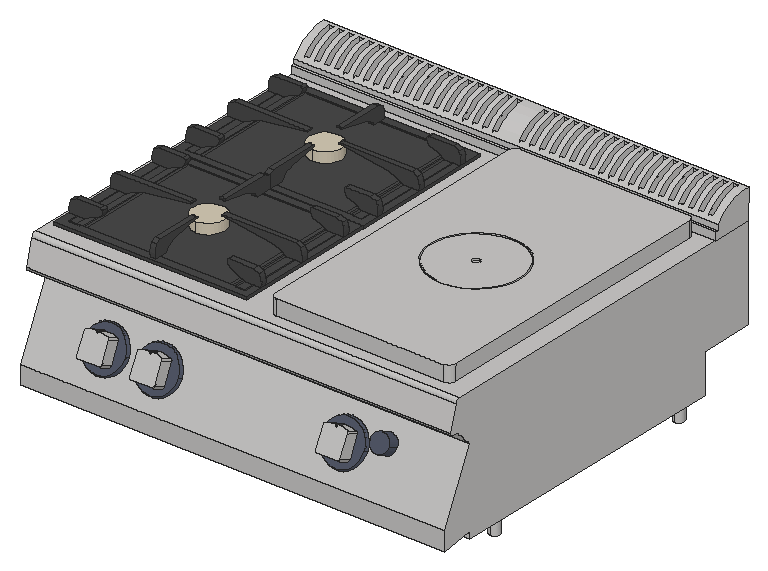
Revit family "QF_ZANUSSI_372011_Z7STGH3000", category Specialty Equipment, Revit 2018 (continued)
Automatic sketch dimensions
  curve 13 to curve 7 = 57.15 mm
  curve 12 to curve 14 = 0 mm
  plane 1 "BACK" to curve 76 = 63.911 mm
  curve 78 to curve 74 = 0 mm
  curve 76 to curve 68 = 0 mm
  curve 76 to curve 73 = 0 mm
  curve 82 to curve 78 = 0 mm
  curve 16 to curve 18 = 0 mm
  curve 9 to curve 10 = 0 mm
  curve 86 to curve 82 = 0 mm
  curve 20 to curve 22 = 0 mm
  curve 90 to curve 59 = 57.15 mm
  curve 92 to curve 94 = 0 mm
  curve 24 to curve 26 = 0 mm
  curve 96 to curve 98 = 0 mm
  curve 68 to curve 65 = 0 mm
  curve 28 to curve 30 = 0 mm
  curve 100 to curve 102 = 0 mm
  curve 32 to curve 34 = 0 mm
  curve 104 to curve 106 = 0 mm
  curve 108 to curve 110 = 0 mm
  curve 36 to curve 38 = 0 mm
  curve 112 to curve 114 = 0 mm
  curve 40 to curve 42 = 0 mm
  curve 57 to curve 86 = 0 mm
  curve 116 to curve 120 = 0 mm
  curve 120 to curve 122 = 0 mm
  curve 44 to curve 46 = 0 mm
  curve 61 to curve 90 = 0 mm
  curve 124 to curve 126 = 0 mm
  curve 48 to curve 50 = 0 mm
  curve 128 to curve 130 = 0 mm
  curve 132 to curve 134 = 0 mm
  curve 136 to curve 138 = 0 mm
  curve 140 to curve 142 = 0 mm
  plane 1 "BACK" to curve 165 = 63.911 mm
  curve 144 to curve 146 = 0 mm
  curve 161 to curve 162 = 0 mm
  curve 148 to curve 150 = 0 mm
  curve 152 to curve 157 = 0 mm
  plane 1 "BACK" to curve 155 = 6.761 mm
  plane 1 "BACK" to curve 152 = 6.761 mm
  plane 1 "BACK" to curve 158 = 6.761 mm
  plane 1 "BACK" to curve 148 = 6.761 mm
  plane 1 "BACK" to curve 162 = 6.761 mm
  plane 1 "BACK" to curve 144 = 6.761 mm
  plane 1 "BACK" to curve 140 = 6.761 mm
  plane 1 "BACK" to curve 56 = 6.761 mm
  plane 1 "BACK" to curve 136 = 6.761 mm
  plane 1 "BACK" to curve 132 = 6.761 mm
  plane 1 "BACK" to curve 52 = 6.761 mm
  plane 1 "BACK" to curve 128 = 6.761 mm
  plane 1 "BACK" to curve 124 = 6.761 mm
  plane 1 "BACK" to curve 48 = 6.761 mm
  plane 1 "BACK" to curve 120 = 6.761 mm
  plane 1 "BACK" to curve 44 = 6.761 mm
  plane 1 "BACK" to curve 116 = 6.761 mm
  plane 1 "BACK" to curve 112 = 6.761 mm
  plane 1 "BACK" to curve 40 = 6.761 mm
  plane 1 "BACK" to curve 108 = 6.761 mm
  plane 1 "BACK" to curve 36 = 6.761 mm
  plane 1 "BACK" to curve 104 = 6.761 mm
  plane 1 "BACK" to curve 32 = 6.761 mm
  plane 1 "BACK" to curve 100 = 6.761 mm
  plane 1 "BACK" to curve 96 = 6.761 mm
  plane 1 "BACK" to curve 28 = 6.761 mm
  plane 1 "BACK" to curve 92 = 6.761 mm
  plane 1 "BACK" to curve 88 = 6.761 mm
  plane 1 "BACK" to curve 24 = 6.761 mm
  plane 1 "BACK" to curve 84 = 6.761 mm
  plane 1 "BACK" to curve 20 = 6.761 mm
  plane 1 "BACK" to curve 80 = 6.761 mm
  plane 1 "BACK" to curve 16 = 6.761 mm
  plane 1 "BACK" to curve 76 = 6.761 mm
  plane 1 "BACK" to curve 12 = 6.761 mm
  plane 1 "BACK" to curve 72 = 6.761 mm
  plane 1 "BACK" to curve 68 = 6.761 mm
  plane 1 "BACK" to curve 64 = 6.761 mm
  curve 166 to plane 1 "BACK" = 150 mm
  curve 193 to curve 190 = 9.809 mm
  curve 194 to curve 194 = 0.284 mm
  curve 203 to curve 203 = 0.284 mm
  curve 199 to curve 202 = 9.809 mm
  curve 218 to curve 215 = 9.809 mm
  curve 219 to curve 219 = 0.284 mm
  curve 210 to curve 211 = 0.284 mm
  curve 206 to curve 209 = 9.809 mm
  curve 237 to curve 234 = 9.809 mm
  curve 239 to curve 238 = 0.284 mm
  curve 229 to curve 229 = 0.284 mm
  curve 225 to curve 228 = 9.809 mm
  curve 228 to curve 241 = 26.793 mm
  curve 241 to curve 241 = 15.124 mm
  curve 241 to curve 241 = 2.876 mm
  curve 238 to curve 238 = 0.567 mm
  curve 203 to curve 203 = 0.567 mm
  curve 219 to curve 219 = 0.567 mm
  curve 229 to curve 229 = 0.567 mm
  curve 194 to curve 194 = 0.567 mm
  curve 210 to curve 210 = 0.567 mm
  curve 239 to curve 237 = 1.156 mm
  curve 241 to curve 241 = 4.341 mm
  curve 4 to curve 164 = 12.289 mm
  curve 4 to curve 5 = 6.35 mm
  Extrusion 1 sketch curve to plane 8 "Center X" = 357.5 mm
  Extrusion 1 sketch curve to plane 8 "Center X" = 342.384 mm
  Extrusion 1 sketch curve to Extrusion 1 sketch curve = 2.884 mm
  Extrusion 1 sketch curve to Extrusion 1 sketch curve = 13.051 mm
  Extrusion 1 sketch curve to Extrusion 1 sketch curve = 10.198 mm
  Extrusion 1 sketch curve to Extrusion 1 sketch curve = 7.474 mm
  Extrusion 1 sketch curve to Extrusion 1 sketch curve = 56.355 mm
  Extrusion 1 sketch curve to Extrusion 1 sketch curve = 0.445 mm
  Extrusion 1 sketch curve to Extrusion 1 sketch curve = 3.2 mm
  Extrusion 1 sketch curve to plane 11 = 146.636 mm
  Extrusion 1 sketch curve to Extrusion 1 sketch curve = 31.82 mm
  Extrusion 1 sketch curve to plane 10 = 250 mm
  plane 1 "BACK" to Extrusion 1 sketch curve = 103 mm
  Extrusion 1 sketch curve to Extrusion 1 sketch curve = 103 mm
  Extrusion 1 sketch curve to Extrusion 1 sketch curve = 5.508 mm
  Extrusion 1 sketch curve to Extrusion 1 sketch curve = 10.259 mm
  Extrusion 1 sketch curve to Extrusion 1 sketch curve = 35 mm
  Extrusion 1 sketch curve to plane 10 = 176 mm
  Extrusion 1 sketch curve to plane 11 = 114.816 mm
  Extrusion 1 sketch curve to Extrusion 1 sketch curve = 3 mm
  Extrusion 1 sketch curve to Extrusion 1 sketch curve = 46.342 mm
  radius of Extrusion 4 sketch curve = 6.35 mm
  radius of Extrusion 8 sketch curve = 82.55 mm
  radius of Extrusion 8 sketch curve = 7 mm
  radius of Blend 10 sketch curve = 42.5 mm
  radius of Blend 10 sketch curve = 40.5 mm
  radius of Split face 1 sketch curve = 3 mm
  radius of Blend 16 sketch curve = 42.5 mm
  radius of Blend 16 sketch curve = 40.5 mm
  radius of Split face 10 sketch curve = 1.5 mm
  radius of Split face 11 sketch curve = 2.029 mm
  radius of Split face 12 sketch curve = 2.031 mm
  radius of Split face 13 sketch curve = 3.497 mm
  radius of Split face 14 sketch curve = 3.497 mm
  radius of Split face 15 sketch curve = 3 mm
  radius of Split face 16 sketch curve = 1.5 mm
  radius of Blend 18 sketch curve = 42.5 mm
  radius of Blend 18 sketch curve = 40.5 mm
  radius of Split face 17 sketch curve = 3 mm
  radius of Split face 22 sketch curve = 1.5 mm
  radius of Split face 23 sketch curve = 2.029 mm
  radius of Split face 24 sketch curve = 3.497 mm
  radius of Extrusion 22 sketch curve = 18 mm
  radius of Extrusion 23 sketch curve = 15 mm
Nested families
  nested 1: "QF_372011_BURNER" at (4.358, -6.2, -576.213), type "QF_372011_BURNER"
    with Type Mark "", Status "", Specification by User "", Revision Code "", Item Number "", Installed By "", Identify Quantity as Lot yes, Furnished By "", Foodservice Equipment Identifier yes
  nested 2: "QF_372011_BURNER" at (4.358, -740.327, -576.213), type "QF_372011_BURNER"
    with Type Mark "", Status "", Specification by User "", Revision Code "", Item Number "", Installed By "", Identify Quantity as Lot yes, Furnished By "", Foodservice Equipment Identifier yes
Connectors
  piping at (400, -76.2, 60.512), diameter 12.8
    settings: on Extrusion 4, index 1, connector inside diameter 0.50394", connector length 0 mm, flow factor 0, pipe flow 0 GPM, pressure drop 0.00 psi, fitting loss kfactor 0, connector angle 0.00°, fixture units 0, engagement length 0 mm, angle of deflection 0.00°, flow configuration 1, flow direction 1, fitting loss method 0, system type 7, joint type 0, gender type 0, connector reference index -1, connector utility 0, adjustable connector no, is connector primary yes, connector description "Gas Inlet"
Definition of nested family "QF_372011_BURNER"
  Parameters
    Weight in Pounds = 0
    URL Cutsheet = ""
    URL = "www.electrolux.com"
    Type Mark [instance] = ""
    Status [instance] = ""
    Specification by User [instance] = ""
    Specification by Manufacturer = ""
    Serial Number = ""
    Seismic Rating = ""
    SMACNA No = ""
    Revision Code [instance] = ""
    Omniclass Number and Title = ""
    NAFEM Spec ID Number = ""
    Model = "371009"
    Masterspec = ""
    Manufacturer = "ELECTROLUX"
    Item Number [instance] = ""
    Installed By [instance] = ""
    Identify Quantity as Lot [instance] = yes
    Furnished By [instance] = ""
    Foodservice Equipment Identifier [instance] = yes
    Description = ""
    CSI MasterFormat = ""
    CSI Master Format = ""
  Reference planes
    plane 1 "BACK": y = 0
    plane 2: z = 0
    plane 3 "LEFT": x = 0
    plane 4 "RIGHT": x = 800
    plane 5 "FRONT": y = -700
    plane 6 "TOP": z = 908.85
    plane 7 "Center Y": x = 400
    plane 8 "Center X": y = -350
    plane 9 "Base": z = 150
    plane 10: z = 850.85
  Forms (mm)
    Extrusion 1, solid
      sketch origin (0, -734.127, 5) x (1, 0, 0) y (0, 0, -1)
        loop
          arc (7.142, -850.85) -> (6.739, -862.989) -> (9.761, -874.752) r 42.809
          line (9.761, -874.752) -> (19.961, -879.425) -> (157.339, -879.425)
          arc (157.339, -879.425) -> (158.533, -878.312) -> (157.506, -877.043) r 1.197
          line (157.506, -877.043) -> (64.848, -864.021)
          arc (64.848, -864.021) -> (50.111, -858.738) -> (36.589, -850.85) r 85.245
          line (36.589, -850.85) -> (7.142, -850.85)
        loop
          line (367.858, -850.85) -> (338.411, -850.85)
          arc (338.411, -850.85) -> (324.889, -858.738) -> (310.152, -864.021) r 85.245
          line (310.152, -864.021) -> (217.494, -877.043)
          arc (217.494, -877.043) -> (216.467, -878.312) -> (217.661, -879.425) r 1.197
          line (217.661, -879.425) -> (355.039, -879.425) -> (365.239, -874.752)
          arc (365.239, -874.752) -> (368.261, -862.989) -> (367.858, -850.85) r 42.809
      from 224.564 to 234.564
    Extrusion 2, solid
      sketch origin (0, -734.127, 5) x (1, 0, 0) y (0, 0, -1)
        loop
          arc (7.056, -850.85) -> (6.705, -862.948) -> (9.748, -874.663) r 42.876
          line (9.748, -874.663) -> (19.961, -879.425) -> (65.851, -879.425)
          arc (65.851, -879.425) -> (68.577, -878.352) -> (69.841, -875.709) r 4
          arc (69.841, -875.709) -> (68.75, -869.25) -> (64.816, -864.012) r 13.87
          arc (64.816, -864.012) -> (50.096, -858.731) -> (36.589, -850.85) r 85.245
          line (36.589, -850.85) -> (7.056, -850.85)
        loop
          line (367.944, -850.85) -> (338.411, -850.85)
          arc (338.411, -850.85) -> (324.904, -858.731) -> (310.184, -864.012) r 85.245
          arc (310.184, -864.012) -> (306.25, -869.25) -> (305.159, -875.709) r 13.87
          arc (305.159, -875.709) -> (306.423, -878.352) -> (309.149, -879.425) r 4
          line (309.149, -879.425) -> (355.039, -879.425) -> (365.252, -874.663)
          arc (365.252, -874.663) -> (368.295, -862.948) -> (367.944, -850.85) r 42.876
      from 127.064 to 137.064
    Extrusion 3, solid
      sketch origin (0, -275, 5) x (1, 0, 0) y (0, 0, 1)
        loop
          arc (64.816, 864.012) -> (68.75, 869.25) -> (69.841, 875.709) r 13.87
          arc (69.841, 875.709) -> (68.577, 878.352) -> (65.851, 879.425) r 4
          line (65.851, 879.425) -> (19.961, 879.425) -> (9.748, 874.663)
          arc (9.748, 874.663) -> (6.705, 862.948) -> (7.056, 850.85) r 42.876
          line (7.056, 850.85) -> (36.589, 850.85)
          arc (36.589, 850.85) -> (50.096, 858.731) -> (64.816, 864.012) r 85.245
        loop
          arc (310.184, 864.012) -> (324.904, 858.731) -> (338.411, 850.85) r 85.245
          line (338.411, 850.85) -> (367.944, 850.85)
          arc (367.944, 850.85) -> (368.295, 862.948) -> (365.252, 874.663) r 42.876
          line (365.252, 874.663) -> (355.039, 879.425) -> (309.149, 879.425)
          arc (309.149, 879.425) -> (306.423, 878.352) -> (305.159, 875.709) r 4
          arc (305.159, 875.709) -> (306.25, 869.25) -> (310.184, 864.012) r 13.87
      from 127.064 to 137.064
    Extrusion 4, solid
      sketch origin (454.964, -29.48, 5) x (0, -1, 0) y (0, 0, 1)
        loop
          arc (366.649, 850.85) -> (375.927, 861.743) -> (389.337, 866.736) r 28.426
          line (389.337, 866.736) -> (441.256, 877.043)
          arc (441.256, 877.043) -> (442.283, 878.312) -> (441.089, 879.425) r 1.197
          line (441.089, 879.425) -> (347.797, 879.425)
          arc (347.797, 879.425) -> (343.211, 875.934) -> (337.583, 874.694) r 13.39
          line (337.583, 874.694) -> (337.583, 850.85) -> (366.649, 850.85)
        loop
          arc (606.236, 850.85) -> (606.587, 862.948) -> (603.543, 874.663) r 42.876
          line (603.543, 874.663) -> (593.33, 879.425) -> (509.077, 879.425)
          arc (509.077, 879.425) -> (507.883, 878.312) -> (508.911, 877.043) r 1.197
          line (508.911, 877.043) -> (560.83, 866.736)
          arc (560.83, 866.736) -> (574.239, 861.743) -> (583.518, 850.85) r 28.426
          line (583.518, 850.85) -> (606.236, 850.85)
      from 262.464 to 272.464
    Extrusion 5, solid
      sketch origin (0, 0, 850.85) x (0, -1, 0) y (1, 0, 0)
        loop
          line (642.216, 6.433) -> (642.216, 368.567) -> (367.857, 368.567) -> (367.857, 6.433) -> (642.216, 6.433)
        loop
          line (382.857, 21.433) -> (627.216, 21.433) -> (627.216, 353.567) -> (382.857, 353.567) -> (382.857, 21.433)
      from 0 to 5
    Extrusion 6, solid
      sketch origin (-12.5, 0, 855.85) x (0, -1, 0) y (1, 0, 0)
        loop
          circle (504.356, 200) r 30
      from -1.321 to 17.134
    Extrusion 7, solid
      sketch origin (0, -734.127, 0) x (1, 0, 0) y (0, 0, -1)
        loop
          line (21.433, -855.85) -> (36.589, -855.85)
          arc (36.589, -855.85) -> (40.561, -855.243) -> (44.305, -853.783) r 18.259
          arc (44.305, -853.783) -> (45.997, -853.366) -> (47.69, -853.783) r 3.649
          arc (47.69, -853.783) -> (49.901, -854.522) -> (52.232, -854.529) r 7.328
          line (52.232, -854.529) -> (322.768, -854.529)
          arc (322.768, -854.529) -> (325.099, -854.522) -> (327.31, -853.783) r 7.328
          arc (327.31, -853.783) -> (329.003, -853.366) -> (330.695, -853.783) r 3.649
          arc (330.695, -853.783) -> (334.439, -855.243) -> (338.411, -855.85) r 18.259
          line (338.411, -855.85) -> (353.567, -855.85) -> (353.567, -850.85) -> (21.433, -850.85) -> (21.433, -855.85)
      from 106.911 to 351.27
  Lines and regions (mm)
    symbolic lines
      curve 1: line (6.433, -642.216, 150) -> (368.567, -642.216, 150)
      curve 2: line (6.433, -367.857, 150) -> (6.433, -642.216, 150)
      curve 3: line (368.567, -367.857, 150) -> (192.5, -367.857, 150)
      curve 4: line (368.567, -642.216, 150) -> (368.567, -367.857, 150)
      curve 5: line (353.567, -382.857, 150) -> (192.5, -382.857, 150)
      curve 6: line (353.567, -627.216, 150) -> (353.567, -607.064, 150)
      curve 7: line (21.433, -627.216, 150) -> (182.5, -627.216, 150)
      curve 8: line (21.433, -382.857, 150) -> (21.433, -402.064, 150)
      curve 9: line (52.232, -627.216, 150) -> (52.232, -607.064, 150)
      curve 10: line (322.567, -382.857, 150) -> (322.567, -402.064, 150)
      curve 11: line (148.125, -499.564, 150) -> (148.125, -382.857, 150)
      curve 12: line (154.375, -382.857, 150) -> (154.375, -499.564, 150)
      curve 13: arc (148.297, -509.564, 150) -> (159.191, -533.254, 150) -> (182.5, -544.942, 150) r 39.375
      curve 14: arc (220.42, -509.564, 150) -> (211.39, -528.832, 150) -> (192.5, -538.631, 150) r 33.125
      curve 15: line (220.625, -382.857, 150) -> (220.625, -499.564, 150)
      curve 16: line (226.875, -499.564, 150) -> (226.875, -382.857, 150)
      curve 17: line (192.5, -636.339, 150) -> (192.5, -535.619, 150)
      curve 18: arc (182.657, -474.75, 150) -> (166.195, -483.236, 150) -> (157.853, -499.771, 150) r 30
      curve 19: arc (192.224, -533.982, 150) -> (208.621, -525.661, 150) -> (217.084, -509.337, 150) r 30
      curve 20: line (368.567, -597.064, 150) -> (305.159, -597.064, 150)
      curve 21: line (6.433, -607.064, 150) -> (69.841, -607.064, 150)
      curve 22: line (6.433, -509.564, 150) -> (156.429, -509.564, 150)
      curve 23: line (368.567, -499.564, 150) -> (218.571, -499.564, 150)
      curve 24: line (6.433, -412.064, 150) -> (69.841, -412.064, 150)
      curve 25: line (368.567, -402.064, 150) -> (305.159, -402.064, 150)
      curve 26: line (69.841, -597.064, 150) -> (6.433, -597.064, 150)
      curve 27: line (305.159, -607.064, 150) -> (368.567, -607.064, 150)
      curve 28: line (69.841, -402.064, 150) -> (6.433, -402.064, 150)
      curve 29: line (305.159, -412.064, 150) -> (368.567, -412.064, 150)
      curve 30: arc (69.841, -597.064, 150) -> (74.841, -602.064, 150) -> (69.841, -607.064, 150) r 5
      curve 31: arc (305.159, -607.064, 150) -> (300.159, -602.064, 150) -> (305.159, -597.064, 150) r 5
      curve 32: arc (69.841, -402.064, 150) -> (74.841, -407.064, 150) -> (69.841, -412.064, 150) r 5
      curve 33: arc (305.159, -412.064, 150) -> (300.159, -407.064, 150) -> (305.159, -402.064, 150) r 5
      curve 34: line (21.433, -412.064, 150) -> (21.433, -499.564, 150)
      curve 35: line (52.232, -402.064, 150) -> (52.232, -382.857, 150)
      curve 36: line (21.433, -509.564, 150) -> (21.433, -597.064, 150)
      curve 37: line (52.232, -499.564, 150) -> (52.232, -412.064, 150)
      curve 38: line (52.232, -597.064, 150) -> (52.232, -509.564, 150)
      curve 39: line (21.433, -607.064, 150) -> (21.433, -627.216, 150)
      curve 40: line (322.567, -607.064, 150) -> (322.567, -627.216, 150)
      curve 41: line (353.567, -597.064, 150) -> (353.567, -509.564, 150)
      curve 42: line (322.567, -509.564, 150) -> (322.567, -597.064, 150)
      curve 43: line (353.567, -499.564, 150) -> (353.567, -412.064, 150)
      curve 44: line (353.567, -402.064, 150) -> (353.567, -382.857, 150)
      curve 45: line (322.567, -412.064, 150) -> (322.567, -499.564, 150)
      curve 46: line (156.429, -499.564, 150) -> (6.433, -499.564, 150)
      curve 47: line (218.571, -509.564, 150) -> (368.567, -509.564, 150)
      curve 48: arc (218.571, -499.564, 150) -> (213.571, -504.564, 150) -> (218.571, -509.564, 150) r 5
      curve 49: arc (156.429, -499.564, 150) -> (161.429, -504.564, 150) -> (156.429, -509.564, 150) r 5
      curve 50: arc (157.916, -509.337, 150) -> (166.379, -525.661, 150) -> (182.776, -533.982, 150) r 30
      curve 51: arc (217.147, -499.771, 150) -> (208.805, -483.236, 150) -> (192.343, -474.75, 150) r 30
      curve 52: line (182.5, -535.619, 150) -> (182.5, -636.339, 150)
      curve 53: line (192.5, -473.508, 150) -> (192.5, -367.064, 150)
      curve 54: arc (192.5, -535.619, 150) -> (187.5, -530.619, 150) -> (182.5, -535.619, 150) r 5
      curve 55: arc (192.5, -473.508, 150) -> (187.5, -478.508, 150) -> (182.5, -473.508, 150) r 5
      curve 56: line (182.5, -367.857, 150) -> (6.433, -367.857, 150)
      curve 57: line (182.5, -382.857, 150) -> (21.433, -382.857, 150)
      curve 58: arc (192.5, -404.571, 150) -> (196.398, -417.071, 150) -> (192.5, -429.571, 150) r 21.993
      curve 59: arc (196.181, -420.148, 150) -> (199.482, -417.071, 150) -> (196.181, -413.995, 150) r 3.084
      curve 60: arc (182.5, -404.571, 150) -> (178.602, -417.071, 150) -> (182.5, -429.571, 150) r 21.993
      curve 61: arc (178.819, -420.148, 150) -> (175.518, -417.071, 150) -> (178.819, -413.995, 150) r 3.084
      curve 62: line (182.5, -367.064, 150) -> (182.5, -473.508, 150)
      curve 63: arc (182.5, -538.631, 150) -> (163.61, -528.832, 150) -> (154.58, -509.564, 150) r 33.125
      curve 64: arc (192.5, -544.942, 150) -> (215.809, -533.254, 150) -> (226.703, -509.564, 150) r 39.375
      curve 65: line (182.5, -636.339, 150) -> (192.5, -636.339, 150)
      curve 66: line (182.5, -377.277, 150) -> (192.5, -377.277, 150)
      curve 67: line (182.5, -367.064, 150) -> (192.5, -367.064, 150)
      curve 68: line (192.5, -627.216, 150) -> (353.567, -627.216, 150)
  Dimensions and locks
    equal spacing: plane 3 "LEFT", plane 7 "Center Y", plane 4 "RIGHT"
    plane 3 "LEFT" to plane 4 "RIGHT" = 800 mm
    equal spacing: plane 5 "FRONT", plane 8 "Center X", plane 1 "BACK"
    plane 5 "FRONT" to plane 1 "BACK" = 700 mm
    plane 6 "TOP" to level = 908.85 mm
    plane 9 "Base" to level = 150 mm
    plane 6 "TOP" to plane 10 = 58 mm  (x2)
    aligned and locked: level to plane 2
  Automatic sketch dimensions
    Extrusion 5 sketch curve to Extrusion 5 sketch curve = 15 mm  (x2)
    Extrusion 5 sketch curve to Extrusion 5 sketch curve = 332.134 mm
    plane 3 "LEFT" to Extrusion 2 sketch curve = 7.056 mm
    plane 3 "LEFT" to Extrusion 2 sketch curve = 9.748 mm
    Extrusion 2 sketch curve to Extrusion 2 sketch curve = 10.213 mm  (x2)
    plane 10 to Extrusion 2 sketch curve = 5 mm  (x2)
    Extrusion 2 sketch curve to Extrusion 2 sketch curve = 29.533 mm
    Extrusion 2 sketch curve to Extrusion 2 sketch curve = 12.72 mm  (x2)
    Extrusion 2 sketch curve to Extrusion 2 sketch curve = 6.697 mm
    Extrusion 2 sketch curve to Extrusion 2 sketch curve = 8.81 mm
    Extrusion 2 sketch curve to Extrusion 2 sketch curve = 9.845 mm  (x2)
    Extrusion 2 sketch curve to Extrusion 2 sketch curve = 3.99 mm  (x2)
    Extrusion 2 sketch curve to Extrusion 2 sketch curve = 0 mm  (x2)
    Extrusion 2 sketch curve to Extrusion 2 sketch curve = 36.813 mm
    Extrusion 2 sketch curve to plane 7 "Center Y" = 111.122 mm
    Extrusion 2 sketch curve to plane 6 "TOP" = 28.141 mm
    Extrusion 2 sketch curve to plane 7 "Center Y" = 94.841 mm
    Extrusion 2 sketch curve to Extrusion 2 sketch curve = 1.035 mm
    Extrusion 2 sketch curve to Extrusion 2 sketch curve = 15.507 mm
    Extrusion 2 sketch curve to Extrusion 2 sketch curve = 16.628 mm
    Extrusion 2 sketch curve to Extrusion 2 sketch curve = 2.692 mm
    Extrusion 2 sketch curve to plane 6 "TOP" = 24.425 mm
    Extrusion 2 sketch curve to Extrusion 2 sketch curve = 28.575 mm
    Extrusion 2 sketch curve to Extrusion 2 sketch curve = 3.716 mm
    Extrusion 2 sketch curve to Extrusion 2 sketch curve = 4.763 mm  (x2)
    plane 3 "LEFT" to Extrusion 1 sketch curve = 7.142 mm
    plane 3 "LEFT" to Extrusion 1 sketch curve = 9.761 mm
    Extrusion 1 sketch curve to Extrusion 1 sketch curve = 10.201 mm  (x2)
    plane 10 to Extrusion 1 sketch curve = 5 mm  (x2)
    Extrusion 1 sketch curve to Extrusion 1 sketch curve = 29.447 mm
    Extrusion 1 sketch curve to Extrusion 1 sketch curve = 12.704 mm  (x2)
    Extrusion 1 sketch curve to Extrusion 1 sketch curve = 15.555 mm  (x2)
    Extrusion 1 sketch curve to Extrusion 1 sketch curve = 36.829 mm
    Extrusion 1 sketch curve to plane 6 "TOP" = 24.425 mm  (x2)
    Extrusion 1 sketch curve to Extrusion 1 sketch curve = 92.491 mm
    Extrusion 1 sketch curve to plane 6 "TOP" = 26.807 mm  (x2)
    Extrusion 1 sketch curve to Extrusion 1 sketch curve = 0.167 mm  (x2)
    Extrusion 1 sketch curve to Extrusion 1 sketch curve = 59.988 mm
    Extrusion 1 sketch curve to plane 7 "Center Y" = 111.122 mm
    plane 10 to Extrusion 1 sketch curve = 18.171 mm
    Extrusion 1 sketch curve to Extrusion 1 sketch curve = 21.274 mm
    Extrusion 1 sketch curve to Extrusion 1 sketch curve = 16.628 mm
    Extrusion 1 sketch curve to Extrusion 1 sketch curve = 2.618 mm
    Extrusion 1 sketch curve to Extrusion 1 sketch curve = 4.673 mm  (x2)
    Extrusion 1 sketch curve to Extrusion 1 sketch curve = 5.694 mm
    plane 3 "LEFT" to Extrusion 3 sketch curve = 7.056 mm
    plane 3 "LEFT" to Extrusion 3 sketch curve = 9.748 mm
    Extrusion 3 sketch curve to Extrusion 3 sketch curve = 10.213 mm  (x2)
    plane 10 to Extrusion 3 sketch curve = 5 mm  (x2)
    Extrusion 3 sketch curve to Extrusion 3 sketch curve = 29.533 mm
    Extrusion 3 sketch curve to Extrusion 3 sketch curve = 12.72 mm  (x2)
    Extrusion 3 sketch curve to Extrusion 3 sketch curve = 6.697 mm
    Extrusion 3 sketch curve to Extrusion 3 sketch curve = 8.81 mm
    Extrusion 3 sketch curve to Extrusion 3 sketch curve = 9.845 mm  (x2)
    Extrusion 3 sketch curve to Extrusion 3 sketch curve = 3.99 mm  (x2)
    Extrusion 3 sketch curve to Extrusion 3 sketch curve = 0 mm  (x2)
    Extrusion 3 sketch curve to Extrusion 3 sketch curve = 36.813 mm
    Extrusion 3 sketch curve to plane 7 "Center Y" = 111.122 mm
    Extrusion 3 sketch curve to plane 6 "TOP" = 28.141 mm
    Extrusion 3 sketch curve to plane 7 "Center Y" = 94.841 mm
    Extrusion 3 sketch curve to Extrusion 3 sketch curve = 1.035 mm
    Extrusion 3 sketch curve to Extrusion 3 sketch curve = 15.507 mm
    Extrusion 3 sketch curve to Extrusion 3 sketch curve = 16.628 mm
    Extrusion 3 sketch curve to Extrusion 3 sketch curve = 2.692 mm
    Extrusion 3 sketch curve to plane 10 = 64.377 mm  (x2)
    plane 10 to Extrusion 3 sketch curve = 12.281 mm  (x2)
    Extrusion 3 sketch curve to Extrusion 3 sketch curve = 10.713 mm
    Extrusion 5 to Extrusion 6 sketch curve = 121.499 mm
    Extrusion 5 to Extrusion 6 sketch curve = 166.067 mm
    plane 3 "LEFT" to Extrusion 5 sketch curve = 21.433 mm
    Extrusion 5 sketch curve to plane 5 "FRONT" = 72.784 mm
    plane 3 "LEFT" to Extrusion 7 sketch curve = 21.433 mm
    Extrusion 7 sketch curve to Extrusion 7 sketch curve = 14.402 mm
    plane 10 to Extrusion 7 sketch curve = 5 mm
    plane 10 to Extrusion 7 sketch curve = 2.933 mm  (x4)
    Extrusion 7 sketch curve to Extrusion 7 sketch curve = 7.716 mm  (x2)
    Extrusion 7 sketch curve to Extrusion 7 sketch curve = 0 mm  (x2)
    Extrusion 7 sketch curve to Extrusion 7 sketch curve = 1.692 mm  (x2)
    Extrusion 7 sketch curve to Extrusion 7 sketch curve = 3.385 mm  (x2)
    Extrusion 7 sketch curve to plane 10 = 3.559 mm  (x2)
    Extrusion 7 sketch curve to Extrusion 7 sketch curve = 302.478 mm
    Extrusion 7 sketch curve to Extrusion 7 sketch curve = 15.253 mm
    Extrusion 7 sketch curve to Extrusion 7 sketch curve = 15.156 mm  (x2)
    Extrusion 7 sketch curve to Extrusion 7 sketch curve = 3.233 mm
    Extrusion 7 sketch curve to plane 10 = 0 mm
    Extrusion 7 sketch curve to plane 7 "Center Y" = 77.232 mm
    Extrusion 5 sketch curve to plane 8 "Center X" = 32.857 mm
    plane 3 "LEFT" to Extrusion 5 sketch curve = 6.433 mm
    plane 1 "BACK" to Extrusion 5 sketch curve = 367.857 mm
    plane 10 to Extrusion 4 sketch curve = 5 mm  (x2)
    Extrusion 4 sketch curve to Extrusion 4 sketch curve = 29.066 mm
    Extrusion 4 sketch curve to Extrusion 4 sketch curve = 22.688 mm
    Extrusion 4 sketch curve to plane 10 = 7.392 mm  (x2)
    Extrusion 4 sketch curve to Extrusion 4 sketch curve = 25.583 mm
    Extrusion 4 sketch curve to plane 6 "TOP" = 24.425 mm  (x2)
    Extrusion 4 sketch curve to Extrusion 4 sketch curve = 51.752 mm
    Extrusion 4 sketch curve to Extrusion 4 sketch curve = 0.167 mm  (x2)
    Extrusion 4 sketch curve to plane 6 "TOP" = 26.807 mm
    Extrusion 4 sketch curve to Extrusion 4 sketch curve = 67.655 mm
    Extrusion 4 sketch curve to Extrusion 4 sketch curve = 49.024 mm
    Extrusion 4 sketch curve to Extrusion 4 sketch curve = 2.895 mm
    Extrusion 4 sketch curve to Extrusion 4 sketch curve = 3.153 mm
    Extrusion 4 sketch curve to Extrusion 4 sketch curve = 19.535 mm
    Extrusion 4 sketch curve to Extrusion 4 sketch curve = 9.813 mm
    Extrusion 4 sketch curve to Extrusion 4 sketch curve = 10.213 mm
    Extrusion 4 sketch curve to Extrusion 4 sketch curve = 22.718 mm
    Extrusion 4 sketch curve to Extrusion 4 sketch curve = 8.605 mm
    Extrusion 4 sketch curve to Extrusion 4 sketch curve = 4.731 mm
    Extrusion 4 sketch curve to Extrusion 4 sketch curve = 2.382 mm
    Extrusion 4 sketch curve to Extrusion 4 sketch curve = 8.658 mm
    Extrusion 4 sketch curve to plane 8 "Center X" = 17.064 mm
    curve 13 to curve 14 = 0 mm  (x2)
    curve 13 to curve 63 = 0 mm  (x2)
    curve 13 to curve 64 = 0 mm  (x2)
    curve 18 to curve 19 = 0 mm  (x2)
    curve 18 to curve 50 = 0 mm  (x2)
    curve 18 to curve 51 = 0 mm  (x2)
    curve 25 to plane 7 "Center Y" = 31.433 mm
    curve 3 to curve 44 = 15 mm
    curve 43 to curve 44 = 0 mm
    curve 1 to curve 68 = 15 mm
    curve 41 to curve 43 = 0 mm
    curve 6 to curve 40 = 31 mm
    curve 41 to curve 42 = 31 mm
    curve 43 to curve 45 = 31 mm
    curve 10 to curve 45 = 0 mm
    curve 40 to curve 27 = 17.408 mm
    curve 45 to curve 29 = 17.408 mm
    curve 16 to curve 64 = 0.172 mm
    curve 16 to curve 15 = 6.25 mm
    curve 64 to curve 14 = 6.283 mm
    curve 15 to curve 23 = 2.054 mm
    curve 23 to curve 51 = 1.424 mm
    curve 47 to curve 19 = 1.487 mm
    curve 15 to curve 60 = 20.029 mm
    curve 60 to curve 59 = 4.198 mm
    curve 59 to curve 59 = 0.216 mm  (x2)
    curve 19 to curve 64 = 24.584 mm
    curve 55 to curve 51 = 0.157 mm
    curve 54 to curve 19 = 0.276 mm
    curve 19 to curve 64 = 4.724 mm
    curve 18 to curve 13 = 0 mm
    curve 54 to curve 54 = 5 mm
    curve 50 to curve 54 = 0.276 mm
    curve 18 to curve 55 = 0.157 mm
    curve 60 to curve 61 = 3.681 mm
    curve 61 to curve 61 = 0 mm
    curve 61 to curve 61 = 0.216 mm
    curve 61 to curve 58 = 4.198 mm
    curve 13 to curve 50 = 29.584 mm
    curve 50 to curve 18 = 0.064 mm
    curve 50 to curve 22 = 1.487 mm
    curve 22 to curve 63 = 1.849 mm
    curve 49 to curve 12 = 2.054 mm
    curve 63 to curve 13 = 6.283 mm
    curve 12 to curve 11 = 6.25 mm
    plane 3 "LEFT" to curve 30 = 69.841 mm
    plane 3 "LEFT" to curve 28 = 69.841 mm
    plane 3 "LEFT" to curve 38 = 52.232 mm
    curve 24 to curve 37 = 17.609 mm
    curve 9 to curve 38 = 0 mm
    curve 28 to curve 35 = 17.609 mm
    plane 3 "LEFT" to curve 39 = 21.433 mm
    plane 3 "LEFT" to curve 8 = 21.433 mm
    curve 34 to curve 8 = 0 mm
    curve 36 to curve 34 = 0 mm
    plane 3 "LEFT" to curve 21 = 6.433 mm
    curve 67 to curve 56 = 0.794 mm
    curve 67 to curve 3 = 0.794 mm
    curve 56 to curve 66 = 9.419 mm
    curve 10 to curve 33 = 19.206 mm
    curve 8 to curve 8 = 19.206 mm
    curve 57 to curve 60 = 21.714 mm
    curve 60 to curve 58 = 0 mm
    curve 28 to curve 32 = 5 mm
    curve 33 to curve 33 = 5 mm
    curve 58 to curve 59 = 9.423 mm
    curve 61 to curve 58 = 3.077 mm
    curve 60 to curve 62 = 43.937 mm
    curve 51 to curve 15 = 24.814 mm
    curve 23 to curve 51 = 0.207 mm
    curve 18 to curve 13 = 1.529 mm
    curve 38 to curve 38 = 87.5 mm
    curve 42 to curve 31 = 87.5 mm
    curve 26 to curve 30 = 5 mm
    curve 31 to curve 31 = 5 mm
    curve 9 to curve 9 = 20.152 mm
    curve 65 to plane 5 "FRONT" = 63.661 mm
    curve 6 to curve 4 = 15 mm
    curve 55 to curve 55 = 5 mm
    curve 53 to curve 18 = 5 mm
    curve 45 to curve 16 = 95.692 mm
    curve 2 to curve 57 = 15 mm
    curve 10 to plane 8 "Center X" = 32.857 mm
    curve 57 to plane 8 "Center X" = 32.857 mm
    curve 6 to curve 68 = 20.152 mm
    radius of Extrusion 6 sketch curve = 30 mm
